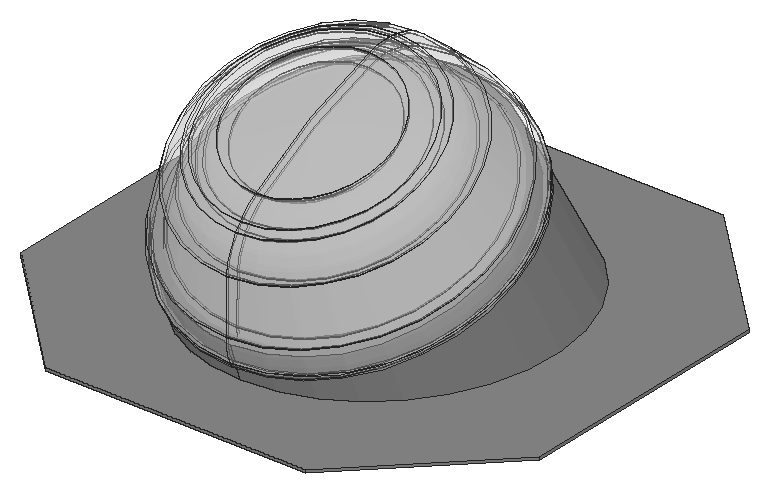
Revit family
Parameters (values of type "ByType")
  Wire Suspension Kit [instance] = yes
  Water Penetration = "No water penetration at 16.5 psf (ASTM E 331)"
  Warranty Duration (Years) = 10
  Visible Light Transmission = 92
  UL Fire Rating = "Class B"
  U Factor = 0.43
  Type Comments = "Type as Specified"
  Test Data [instance] = "http://cpd.nfrc.org/pubsearch/psLineDetails.asp?CPD=STU-K-2_10641"
  Structural Test Pressure = "Positive pressure of 110 psf and Negative pressure of 60 psf (ASTM E 330)"
  Specification [instance] = "http://www.arcat.com/sd/clients/solatube.html?coid=35591"
  SpecWizard [instance] = "http://www.arcat.com/specwizard/08625slt/index.htm?mf=&coid=35591"
  Send Message = "http://admin.arcat.com/users.pl?action=UserEmail&company=Solatube%20International%20Inc.&coid=35591&rep=147&fax=760-597-4488%20&mf="
  Sales Information [instance] = "http://www.solatube.com/commercial/brightenup.php"
  SHGC = 0.33
  Rough Width = 1' - 4"
  Rough Height = 1' - 4"
  Product Properties [instance] = "http://www.arcat.com/bim/bim_info.pl?fn=TDD_Solatube"
  Product Data [instance] = "http://www.arcat.com/clickthru.pl?coid=35591&prodid=2973&loc=www.solatube.com/residential/brightenup.php"
  Photometric Data [instance] = "http://www.solatube.com/downloads/lumens.pdf"
  Outer Dome = Dome_Acrylic
  Model = "As Specified in 08 62 00"
  Manufacturer Website = "http://www.solatube.com"
  Manufacturer Phone - Toll Free = "888-765-2882"
  Manufacturer Phone = "760-597-4400"
  Manufacturer Fax = "760-597-4488"
  Manufacturer Address = "2210 Oak Ridge Way Vista CA  92081"
  Manufacturer = "Solatube International Inc."
  Maintenance Schedule (Months) = 0
  MSDS [instance] = "http://www.solatube.com/commercial/technical_resources.php"
  Is Hurricane Zone (HVHZ) Compliant = no
  Inner Dome = None
  Incandescent Light System [instance] = yes
  Flashing Type = Pitched Flashing : FPT 290
  Flashing Material = Flashing_Steel - ASTM A653 - Black
  Extension Tubes [instance] = 0
  EDCS Area_in2 = 160
  Keynote = "08 62 00"
  Installation-Fabrication [instance] = "http://www.solatube.com/downloads/2007/install/160DS_290DS.pdf"
  Installation Phase = "{Roof}{Retrofit}"
  Green Building-LEED [instance] = "http://www.arcat.com/green/leed_info.php?coid=35591&prodid=2973&mf="
  Flashing Thickness = 0' - 0 1/16"
  Expected Lifespan (Years) = 0
  ENERGYSTAR Qualified = if(and(U Factor < 0.601, SHGC < 1), "N, N/C, S/C, S", if(and(U Factor < 0.601, SHGC < 0.401), "N/C and S/C", if(and(U Factor < 0.751, SHGC < 0.401), "S", "Non-Compliant")))  # "N, N/C, S/C, S"
  Drawn By = "Robert S. Weygant. CSI, CDT, SCIP"
  Dome = 290 Dome : DI
  Description = "Solatube Tubular Taylighting Device (TDD) as Specified in 08 62 00"
  Daylight Dimmer Kit [instance] = yes
  Copyright = "2008, ARCAT, Inc."
  Construction Type = "{New}{Retrofit}"
  Construction Details [instance] = "http://www.arcat.com/details/solatube/prod0437.html"
  Compact Flourescent Light System [instance] = yes
  Building Codes [instance] = "http://www.solatube.com/commercial/technical_resources.php"
  Mounting Height [instance] = 0' - 0"
  Assembly Code = "B3020110"
  Air Infiltration = "0.3 cfm/ft2 at 1.57 psf (ASTM E 283)"
  0-90 Angle Extension Tubes [instance] = 0
Reference planes (in)
  plane 1 "Center (Front/Back)": y = 0
  plane 2 "Roof": z = 159.05758
  plane 3 "Center (Left/Right)": x = 0
  plane 4 "Ceiling": z = 0
  plane 5 "Base": z = 165.05758
  plane 6 "Roof Face": z = 165.05758
Lines and regions (in)
  Opening 1
    outline origin (-0.22623, 0, 165.05758) x (0, 1, 0) y (-1, 0, 0)
      loop
        circle (0, -0.22623) r 8
  sketch lines
    curve 1: line (-60.22623, 60, 0) -> (59.77377, 60, 0)
    curve 2: line (-60.22623, 60, 0) -> (-60.22623, -60, 0)
    curve 3: line (-60.22623, -60, 0) -> (59.77377, -60, 0)
    curve 4: line (59.77377, 60, 0) -> (59.77377, -60, 0)
Dimensions and locks (in)
  curve 2 to plane 3 "Center (Left/Right)" to curve 4 = 5' - 0.22623", 4' - 11.77377"
  equal spacing: curve 3, plane 1 "Center (Front/Back)", curve 1
  locked: plane 5 "Base" to plane 6 "Roof Face"
  locked: nested 1 to host roof at 0.7097
  locked: nested 1 to host roof at 7.16664
  "Rough Width": Opening 1 sketch curve to Opening 1 sketch curve
  aligned and locked: plane 2 "Roof" to level
  aligned and locked: level to host roof
  aligned and locked: plane 6 "Roof Face" to host roof
  aligned and locked: nested 2 to plane 3 "Center (Left/Right)"
  aligned and locked: plane 1 "Center (Front/Back)" to Opening 1 sketch curve
  aligned and locked: plane 3 "Center (Left/Right)" to Opening 1 sketch curve
  aligned and locked: nested 1 to nested 2
Nested families (in)
  nested 1: "290 Dome" at (0, 0.64209, 170.16199) x (0, 0.9135, 0.4067) z (0, -0.4067, 0.9135), type <- "Dome", type "DI"
  nested 2: "Pitched Flashing" at (7.2923, 0, 164.93258) x (-1, 0, 0) z (0, 0, 1), Flashing Material <- "Flashing Material", type <- "Flashing Type", type "FPT 290"
    with Flashing Material Flashing_Steel - ASTM A653 - Black
Definition of nested family "290 Dome"
  Parameters (values of type "DI")
    con1 = Rad / 2  # 0' - 3"
    Rad = 0' - 6"
    R2 = 0' - 7 15/16"
    Lens = Dome_Acrylic
    LN = 0' - 6"
    Inner Dome = yes
    Default Elevation = 4' - 0"
    Assembly Code = ""
  Types (2): name | Inner Dome
    DA | no
    DI | yes
  Reference planes (in)
    plane 1 "Center (Front/Back)": y = 0
    plane 2 "Bottom": z = 0
    plane 3 "Center (Left/Right)": x = -2.86731
    plane 4: z = 6
    plane 5: x = -10.80481
    plane 6: z = 6
    plane 7: x = -10.80481
    plane 8: z = 1
  Forms (in)
    Revolve 1, solid, material "Dome_Acrylic" <- "Lens"
      sketch origin (0, 0, 0) x (1, 0, 0) y (0, 0, 1)
        loop
          line (-2.86731, 6.10677) -> (-6.66035, 5.77492)
          arc (-6.66035, 5.77492) -> (-7.27431, 5.6528) -> (-7.84728, 5.40069) r 2.875
          line (-7.84728, 5.40069) -> (-8.24231, 5.17261)
          arc (-8.24231, 5.17261) -> (-8.92448, 4.62511) -> (-9.41045, 3.89782) r 2.875
          line (-9.41045, 3.89782) -> (-10.53545, 1.48525)
          arc (-10.53545, 1.48525) -> (-10.73666, 0.89248) -> (-10.80481, 0.27022) r 2.875
          line (-10.80481, 0.27022) -> (-10.80481, 0) -> (-10.67981, 0) -> (-10.67981, 0.27022)
          arc (-10.67981, 0.27022) -> (-10.61463, 0.86543) -> (-10.42216, 1.43242) r 2.75
          line (-10.42216, 1.43242) -> (-9.29716, 3.84499)
          arc (-9.29716, 3.84499) -> (-8.83232, 4.54066) -> (-8.17981, 5.06436) r 2.75
          line (-8.17981, 5.06436) -> (-7.78478, 5.29243)
          arc (-7.78478, 5.29243) -> (-7.23672, 5.53358) -> (-6.64946, 5.6504) r 2.75
          line (-6.64946, 5.6504) -> (-2.86731, 5.98129) -> (-2.86731, 6.10677)
        axis (-2.86731, 6.10677) -> (-2.86731, 0)
      angle from 0 to 360
    Revolve 2, solid, material "Dome_Acrylic" <- "Lens", visible <- "Inner Dome"
      sketch origin (0, 0, 0) x (1, 0, 0) y (0, 0, 1)
        loop
          line (-2.86731, 5.57784) -> (-6.33182, 5.27473)
          arc (-6.33182, 5.27473) -> (-6.8926, 5.16319) -> (-7.41594, 4.93291) r 2.62598
          line (-7.41594, 4.93291) -> (-7.77676, 4.72459)
          arc (-7.77676, 4.72459) -> (-8.39985, 4.22451) -> (-8.84372, 3.56021) r 2.62598
          line (-8.84372, 3.56021) -> (-9.87128, 1.3566)
          arc (-9.87128, 1.3566) -> (-10.06772, 0.75477) -> (-10.11441, 0.12341) r 2.62598
          line (-10.11441, 0.12341) -> (-10.80481, 0.12341) -> (-10.80481, 0) -> (-10.00314, 0) -> (-10.00314, 0.24681)
          arc (-10.00314, 0.24681) -> (-9.9436, 0.79047) -> (-9.7678, 1.30835) r 2.51181
          line (-9.7678, 1.30835) -> (-8.74024, 3.51196)
          arc (-8.74024, 3.51196) -> (-8.31567, 4.14738) -> (-7.71967, 4.62572) r 2.51181
          line (-7.71967, 4.62572) -> (-7.35886, 4.83403)
          arc (-7.35886, 4.83403) -> (-6.85827, 5.0543) -> (-6.32187, 5.16099) r 2.51181
          line (-6.32187, 5.16099) -> (-2.86731, 5.46323) -> (-2.86731, 5.57784)
        axis (-2.86731, 5.57784) -> (-2.86731, 0)
      angle from 0 to 360
  Dimensions and locks (in)
    locked: plane 8 to plane 2 "Bottom" at 1
    aligned and locked: level to plane 2 "Bottom"
Definition of nested family "Pitched Flashing"
  Parameters (values of type "FPT 290")
    ang = Flashing Size / 4  # 0' - 6 5/16"
    Toprad = 0' - 7 1/2"
    Thk = 0' - 0 1/8"
    Opening = 0' - 8"
    Inttoprad = Toprad - Thk  # 0' - 7 3/8"
    IntBaserad = Baserad - Thk  # 0' - 8 3/8"
    Flashing Size = 2' - 1 1/4"
    Flashing Material [instance] = Poche
    Default Elevation = 4' - 0"
    Baserad = Toprad + 0' 1"  # 0' - 8 1/2"
    Baseht = 0' - 9 1/4"
    Assembly Code = ""
  Types (4): name | ang | Toprad | Opening | Inttoprad | IntBaserad | Flashing Size | Baserad | Baseht
    FPT 160 | 0' - 5 1/2" | 0' - 5 1/2" | 0' - 5" | 0' - 5 3/8" | 0' - 6 3/8" | 1' - 10" | 0' - 6 1/2" | 0' - 8 3/8"
    FPT 290 | 0' - 6 5/16" | 0' - 7 1/2" | 0' - 8" | 0' - 7 3/8" | 0' - 8 3/8" | 2' - 1 1/4" | 0' - 8 1/2" | 0' - 9 1/4"
    FPM 160 | 0' - 5 1/2" | 0' - 5 1/2" | 0' - 5" | 0' - 5 3/8" | 0' - 6 3/8" | 1' - 10" | 0' - 6 1/2" | 0' - 8 3/8"
    FPM 290 | 0' - 6 5/16" | 0' - 7 1/2" | 0' - 8" | 0' - 7 3/8" | 0' - 8 3/8" | 2' - 1 1/4" | 0' - 8 1/2" | 0' - 9 1/4"
  Reference planes (in)
    plane 1 "Center (Front/Back)": y = 0
    plane 2: z = 0
    plane 3 "Center (Left/Right)": x = 7.2923
    plane 4: x = -5.3327
    plane 5: x = 19.9173
    plane 6: y = 12.625
    plane 7: y = -12.625
    plane 8 "Lens Line": through (0, 9.30191, 1.89669) normal (0, -0.4067, -0.9135)
  Forms (in)
    Extrusion 1, solid, material "Poche" <- "Flashing Material"
      sketch origin (0, 0, 0) x (1, 0, 0) y (0, 1, 0)
        loop
          line (0.9798, 12.625) -> (-5.3327, 6.3125) -> (-5.3327, -6.3125) -> (0.9798, -12.625) -> (13.6048, -12.625) -> (19.9173, -6.3125) -> (19.9173, 6.3125) -> (13.6048, 12.625) -> (0.9798, 12.625)
        loop
          circle (7.2923, 0) r 8
      from 0 to 0.125
    Blend 2, solid, material "Poche" <- "Flashing Material"
      base sketch origin (0, 1.08029, 1.87009) x (0, -0.913545, 0.406737) y (1, 0, 0)
        loop
          circle (0, 7.2923) r 8.5
      top sketch origin (0, 1.08029, 1.87009) x (0, -0.913545, 0.406737) y (1, 0, 0)
        loop
          circle (0, 7.2923) r 7.5
      from -5.88166 to 3.36834
    Extrusion 3, void
      sketch origin (0, 0, 0) x (1, 0, 0) y (0, 1, 0)
        loop
          line (1.7923, 12.625) -> (-5.3327, 5.5) -> (-5.3327, -5.5) -> (1.7923, -12.625) -> (12.7923, -12.625) -> (19.9173, -5.5) -> (19.9173, 5.5) -> (12.7923, 12.625) -> (1.7923, 12.625)
      from 0 to -14.07526
    Blend 4, void
      base sketch origin (0, 1.31282, 2.27784) x (0, -0.913545, 0.406737) y (1, 0, 0)
        loop
          circle (0, 7.2923) r 8.375
      top sketch origin (0, 1.31282, 2.27784) x (0, -0.913545, 0.406737) y (1, 0, 0)
        loop
          circle (0, 7.2923) r 7.375
      from -6.34875 to 2.02625
  Cuts and joins
    Extrusion 3 cuts Extrusion 1
    Extrusion 3, Blend 4 cuts Blend 2
  Dimensions and locks (in)
    "Thk": Extrusion 1 to Extrusion 1
    "Baseht": Blend 2 to Blend 2
    equal spacing: plane 4, plane 3 "Center (Left/Right)", plane 5
    "Flashing Size": plane 4 to plane 5
    equal spacing: plane 6, plane 1 "Center (Front/Back)", plane 7
    "Flashing Size": plane 6 to plane 7
    "ang": Extrusion 1 sketch curve to plane 5  (x2)
    "ang": plane 4 to Extrusion 1 sketch curve  (x2)
    "ang": plane 6 to Extrusion 1 sketch curve  (x2)
    "ang": Extrusion 1 sketch curve to plane 7  (x2)
    "Baserad": radius of Blend 2 sketch curve
    "Toprad": radius of Blend 2 sketch curve
    "IntBaserad": radius of Blend 4 sketch curve
    "Inttoprad": radius of Blend 4 sketch curve
    "Opening": radius of Extrusion 1 sketch curve
    aligned and locked: plane 3 "Center (Left/Right)" to Blend 2
    aligned and locked: plane 3 "Center (Left/Right)" to Blend 4
    aligned and locked: Extrusion 1 sketch curve to plane 4
    aligned and locked: plane 6 to Extrusion 1 sketch curve
    aligned and locked: plane 5 to Extrusion 1 sketch curve
    aligned and locked: Extrusion 1 sketch curve to plane 7
    aligned and locked: plane 8 "Lens Line" to cut or joined group of Blend 2, Extrusion 3, Blend 4
  Automatic sketch dimensions
    Extrusion 1 sketch curve to plane 1 "Center (Front/Back)" = 0' - 0"
    Extrusion 1 sketch curve to plane 3 "Center (Left/Right)" = 0' - 0"
    Blend 2 sketch curve to plane 3 "Center (Left/Right)" = 0' - 0"  (x2)
    Blend 4 sketch curve to plane 3 "Center (Left/Right)" = 0' - 0"  (x2)
    Extrusion 3 sketch curve to plane 4 = 0' - 0"
    Extrusion 3 sketch curve to plane 6 = 0' - 0"
    Extrusion 3 sketch curve to plane 5 = 0' - 0"
    Extrusion 3 sketch curve to plane 7 = 0' - 0"
    Extrusion 3 sketch curve to plane 3 "Center (Left/Right)" = 0' - 5 1/2"  (x2)
    plane 3 "Center (Left/Right)" to Extrusion 3 sketch curve = 0' - 5 1/2"  (x2)
    plane 1 "Center (Front/Back)" to Extrusion 3 sketch curve = 0' - 5 1/2"  (x2)
    Extrusion 3 sketch curve to plane 1 "Center (Front/Back)" = 0' - 5 1/2"  (x2)
